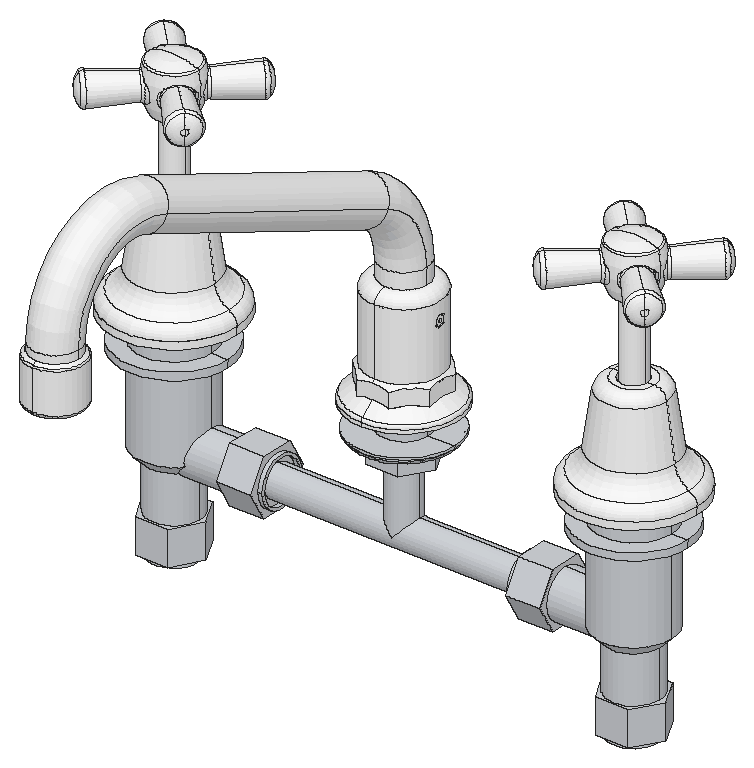
Revit family "Reece_Tap_Base_Sink Set_Adjustable and Anti-Vandal", category Plumbing Fixtures, host Face, Revit 2018
Family settings
  Host = Face
  Round Connector Dimension = Use Diameter
  Part Type = Normal
  Cut with Voids When Loaded = No
  Shared = Yes
  Room Calculation Point = Yes
Parameters (values of type "160 mm_Chrome")
  WFU = 0  # constant formula
  URL = "https://www.reece.com.au/product/-9505433"
  Type Comments = "Tap"
  Reece_Tap_Reach = 180 mm  # constant formula
  Reece_Tap_Inlet = 12 mm  # constant formula
  Reece_Tap_Handle_Spacing [instance] = 95 mm
  Reece_Tap_Clearance = 78.5 mm  # constant formula
  Reece_Tap_Axis Distance [instance] = if(Reece_Tap_Handle_Spacing > 95 mm, 95 mm, if(Reece_Tap_Handle_Spacing < 60 mm, 60 mm, Reece_Tap_Handle_Spacing))  # 95 mm
  Reece_Product_Web Page = "https://www.reece.com.au/product/-9505433"
  Reece_Product_Type = "Tap"  # constant formula
  Reece_Product_Sub Brand = "Base"  # constant formula
  Reece_Product_Number = "9505433"
  Reece_Product_Mount = "Hob Mounted"
  Reece_Product_Description = "Base Adjustable Hob Sink Set Anti-Vandal 180mm Chrome Plated (4 Star)"
  Reece_Product_Brand = "Base"  # constant formula
  Reece_Overall_Height = 143.5 mm  # constant formula
  Reece_Mixer_Height = 95 mm  # constant formula
  Reece_Material_Main = Reece_Brass_Chrome
  Reece_Detail_Shape = "Sink Set"  # constant formula
  Reece_Detail_Disclaimer = "THIS FILE IS THE PROPERTY OF THE REECE GROUP. IT MAY NOT BE REPRODUCED, REVERSE-ENGINEERED OR MODIFIED. ANY REPUBLICATION, TRANSMISSION OR DISTRIBUTION FOR THE PURPOSE OF COMMERCIALLY EXPLOITING THE FILES IS PROHIBITED."  # constant formula
  Reece_Detail_Connector = ""
  Reece_Detail_Additional = "Adjustable, Anti-Vandal"  # constant formula
  Model = "Base"
  Manufacturer = "Base"
  Keynote = "Product #9505433, Reece_Tap_Base_Sink Set_Adjustable and Anti-Vandal - 160 mm_Chrome"
  HWFU = 0  # constant formula
  Disclaimer = "THIS FILE IS THE PROPERTY OF THE REECE GROUP. IT MAY NOT BE REPRODUCED, REVERSE-ENGINEERED OR MODIFIED. ANY REPUBLICATION, TRANSMISSION OR DISTRIBUTION FOR THE PURPOSE OF COMMERCIALLY EXPLOITING THE FILES IS PROHIBITED."  # constant formula
  Description = "Base Adjustable Hob Sink Set Anti-Vandal 160mm Chrome Plated (4 Star)"
  Default Elevation = 0 mm  # constant formula
  CWFU = 0  # constant formula
Reference planes
  plane 1 "Center (Front/Back)": y = 0
  plane 2 "Bottom": z = 0
  plane 3 "Center (Left/Right)": x = 0
  plane 4: x = -95
  plane 5: x = 95
  plane 6: x = -66.612
  plane 7: x = -52.612
  plane 8: x = 66.612
  plane 9: x = 52.612
  plane 10: z = 143.5
  plane 11: y = -180
  plane 12: z = 78.5
Forms (mm)
  Revolve 1, solid
    sketch origin (0, 0, -0.835) x (1, 0, 0) y (0, 0, 1)
      loop
        line (0, 5.835) -> (0, -47) -> (6.5, -47) -> (6.5, -11.7) -> (18.888, -11.7)
        arc (18.888, -11.7) -> (19.596, -11.407) -> (19.888, -10.7) r 1
        line (19.888, -10.7) -> (19.888, -9.6) -> (20.888, -9.6) -> (20.888, -8.742) -> (10, -8.742) -> (10, 5.835) -> (0, 5.835)
      axis (0, 5.835) -> (0, -47)
    angle from 0 to 360
  Revolve 2, solid
    sketch origin (0, 0, -0.835) x (1, 0, 0) y (0, 0, 1)
      loop
        line (50.612, -47) -> (50.612, -40.5) -> (-66.612, -40.5) -> (-66.612, -37.123) -> (-86.948, -37.123) -> (-86.948, -47) -> (-70.103, -47) -> (50.612, -47)
      loop
        line (66.612, -37.123) -> (66.612, -47) -> (86.948, -47) -> (86.948, -37.123) -> (66.612, -37.123)
      axis (86.948, -47) -> (-86.948, -47)
    angle from 0 to 360
  Extrusion 3, solid
    sketch origin (-121.612, -0.379, -50.716) x (0, 1, 0) y (0, 0, 1)
      loop
        line (-12.921, 2.881) -> (-6.271, -8.637) -> (7.029, -8.637) -> (13.679, 2.881) -> (7.029, 14.399) -> (-6.271, 14.399) -> (-12.921, 2.881)
    from 55 to 69
  Extrusion 4, solid
    sketch origin (-52.612, -0.379, -50.716) x (0, 1, 0) y (0, 0, 1)
      loop
        circle (0.379, 2.881) r 10
      loop
        circle (0.379, 2.881) r 9
    from 0 to 2
  Revolve 5, solid
    sketch origin (0, 0, -0.835) x (1, 0, 0) y (0, 0, 1)
      loop
        line (-110.559, -12.6) -> (-110.559, -48.588) -> (-105.61, -53.538) -> (-105.61, -72.919) -> (-104.007, -74.52) -> (-95, -74.52) -> (-95, 22.835) -> (-105, 22.835) -> (-105, 0.835) -> (-110.559, -2.375) -> (-110.559, -9.6) -> (-117.347, -9.6) -> (-117.347, -12.6) -> (-110.559, -12.6)
      axis (-95, 22.835) -> (-95, -74.52)
    angle from 0 to 360
  Extrusion 6, solid
    sketch origin (-100, 0, -73.754) x (0, 1, 0) y (1, 0, 0)
      loop
        line (0.001, 18.3) -> (-11.518, 11.65) -> (-11.518, -1.65) -> (0.001, -8.3) -> (11.519, -1.65) -> (11.519, 11.65) -> (0.001, 18.3)
    from 0 to 14
  Extrusion 7, solid
    sketch origin (-100, 0, -87.754) x (-1, 0, 0) y (0, 1, 0)
      loop
        circle (-5, 0.001) r 10
      loop
        circle (-5, 0.001) r 9
    from 0 to 2
  Extrusion 8, solid
    sketch origin (100, 0, -73.754) x (0, 1, 0) y (1, 0, 0)
      loop
        line (0.001, 8.3) -> (-11.518, 1.65) -> (-11.518, -11.65) -> (0.001, -18.3) -> (11.519, -11.65) -> (11.519, 1.65) -> (0.001, 8.3)
    from 0 to 14
  Extrusion 9, solid
    sketch origin (100, 0, -87.754) x (-1, 0, 0) y (0, 1, 0)
      loop
        circle (5, 0.001) r 10
      loop
        circle (5, 0.001) r 9
    from 0 to 2
  Extrusion 10, solid
    sketch origin (57.612, -0.379, -50.716) x (0, 1, 0) y (0, 0, 1)
      loop
        line (-12.921, 2.881) -> (-6.271, -8.637) -> (7.029, -8.637) -> (13.679, 2.881) -> (7.029, 14.399) -> (-6.271, 14.399) -> (-12.921, 2.881)
    from -5 to 9
  Extrusion 11, solid
    sketch origin (52.612, -0.379, -50.716) x (0, -1, 0) y (0, 0, 1)
      loop
        circle (-0.379, 2.881) r 10
      loop
        circle (-0.379, 2.881) r 9
    from 0 to 2
  Extrusion 12, void
    sketch origin (150, 0, 0) x (-1, 0, 0) y (0, -1, 0)
      loop
        circle (55, 0) r 18
    from 0 to -50
  Extrusion 13, void
    sketch origin (-150, 0, 0) x (1, 0, 0) y (0, 1, 0)
      loop
        circle (55, 0) r 18
    from 0 to -50
  Revolve 14, solid
    sketch origin (0, 0, -0.835) x (-1, 0, 0) y (0, 0, -1)
      loop
        line (-110.559, 12.6) -> (-117.347, 12.6) -> (-117.347, 9.6) -> (-110.559, 9.6) -> (-110.559, 2.375) -> (-105, -0.835) -> (-105, -22.835) -> (-95, -22.835) -> (-95, 74.52) -> (-104.007, 74.52) -> (-105.61, 72.919) -> (-105.61, 53.538) -> (-110.559, 48.588) -> (-110.559, 12.6)
      axis (-95, -22.835) -> (-95, 74.52)
    angle from 0 to 360
  Extrusion 15, solid
    sketch origin (0, 0, -12.535) x (0, 1, 0) y (1, 0, 0)
      loop
        line (0.001, 13.3) -> (-11.518, 6.65) -> (-11.518, -6.65) -> (0.001, -13.3) -> (11.519, -6.65) -> (11.519, 6.65) -> (0.001, 13.3)
    from 0 to 8.3
  Sweep 16, solid, material "Reece_Brass_Chrome" <- "Reece_Material_Main"
    path origin (0, 0, 0) x (0, 1, 0) y (0, 0, 1)
      loop
        line (-180, 83.078) -> (-180, 101)
        arc (-180, 101) -> (-165.214, 128.518) -> (-134.106, 131.377) r 33
        line (-134.106, 131.377) -> (-20.106, 82.987)
        arc (-20.106, 82.987) -> (-5.482, 70.824) -> (0, 52.61) r 33
        line (0, 52.61) -> (0, 12)
    profile origin (0, 0, 32.305) x (1, 0, 0) y (0, 1, 0)
      loop
        circle (0, 0) r 9.5
      loop
        circle (0, 0) r 7.5
  Revolve 17, solid, material "Reece_Brass_Chrome" <- "Reece_Material_Main"
    sketch origin (0, 0, 0) x (0, 1, 0) y (0, 0, 1)
      loop
        line (15, 14.436) -> (15, 42)
        arc (15, 42) -> (13.218, 45.292) -> (9.628, 46.354) r 4.88
        line (9.628, 46.354) -> (9.628, 4.436) -> (18.281, 4.436) -> (18.281, 11.155) -> (15, 14.436)
      axis (0, 46.354) -> (0, 4.436)
    angle from 0 to 360
  Revolve 18, solid, material "Reece_Brass_Chrome" <- "Reece_Material_Main"
    sketch origin (0, 0, 0) x (0, 1, 0) y (0, 0, 1)
      loop
        line (-172.5, 78.5) -> (-169.555, 78.5)
        arc (-169.555, 78.5) -> (-168.848, 78.793) -> (-168.555, 79.5) r 1
        line (-168.555, 79.5) -> (-168.555, 96.036)
        arc (-168.555, 96.036) -> (-168.632, 96.418) -> (-168.848, 96.743) r 1
        line (-168.848, 96.743) -> (-170.055, 97.95) -> (-170.055, 81.5) -> (-180, 81.5) -> (-180, 79.574) -> (-172.5, 79.574) -> (-172.5, 78.5)
      axis (-180, 78.5) -> (-180, 97.95)
    angle from 0 to 360
  Extrusion 19, void
    sketch origin (0, 0, 0) x (1, 0, 0) y (0, 1, 0)
      loop
        line (15.896, 6.585) -> (6.585, 15.896) -> (-6.585, 15.896) -> (-15.896, 6.585) -> (-15.896, -6.585) -> (-6.585, -15.896) -> (6.585, -15.896) -> (15.896, -6.585) -> (15.896, 6.585)
      loop
        circle (0, 0) r 19.327
    from 14.436 to 4.436
  Revolve 20, solid, material "Reece_Brass_Chrome" <- "Reece_Material_Main"
    sketch origin (0, 0, 0) x (0, 1, 0) y (0, 0, 1)
      loop
        arc (22, 1.367) -> (21.805, 2.228) -> (21.259, 2.921) r 2
        line (21.259, 2.921) -> (14.975, 8.01) -> (0, 8.01) -> (0, 0) -> (22, 0) -> (22, 1.367)
      axis (0, 0) -> (0, 8.01)
    angle from 0 to 360
  Revolve 21, void
    sketch origin (0, 0, 0) x (1, 0, 0) y (0, 0, 1)
      loop
        line (14.633, 36.976) -> (14.41, 36.145) -> (15.211, 36.804) -> (15.434, 37.635) -> (14.633, 36.976)
      loop
        line (15.654, 35.903) -> (14.695, 35.903) -> (14.695, 34.878) -> (15.654, 34.878) -> (15.654, 35.903)
      axis (14.41, 34.878) -> (15.654, 34.878)
    angle from 0 to 360
  Revolve 22, void
    sketch origin (0, 0, 0) x (1, 0, 0) y (0, 0, 1)
      loop
        line (0, -30) -> (0, 0) -> (-20, 0) -> (-20, -30) -> (0, -30)
      axis (0, 0) -> (0, -30)
    angle from 0 to 360
Cuts and joins
  joined: Revolve 1, Revolve 2, Extrusion 3, Extrusion 4, Revolve 5, Extrusion 6, Extrusion 7, Extrusion 8, Extrusion 9, Extrusion 10, Extrusion 11, Revolve 14, Extrusion 15
  Extrusion 19, Revolve 21 cuts Revolve 17
  joined: Revolve 17, Revolve 20
Text (mm)
  text "Reece Copyright © 2018, Reece Ltd." at (-904.949, -507.713, 0), in view "Ref. Level"
  text "Reece ©" at (30.224, 170.229, 117.784), in view "Reece Preview"
Dimensions and locks
  "Reece_Tap_Axis Distance": plane 4 to plane 3 "Center (Left/Right)"
  locked: plane 6 to plane 4 at 28.388
  locked: plane 7 to plane 6 at 14
  locked: plane 9 to plane 8 at 14
  locked: plane 8 to plane 5 at 28.388
  "Reece_Tap_Axis Distance": plane 3 "Center (Left/Right)" to plane 5
  "Reece_Overall_Height": plane 10 to level
  "Reece_Tap_Reach": plane 1 "Center (Front/Back)" to plane 11
  "Reece_Tap_Clearance": plane 12 to host face
  aligned and locked: plane 2 "Bottom" to host face
  aligned and locked: level to host face
  aligned and locked: plane 7 to Extrusion 3
  aligned and locked: Extrusion 3 to plane 6
  aligned and locked: cut or joined group 1 (Revolve 1, Revolve 2, Extrusion 3, Extrusion 4, Revolve 5, Extrusion 6, Extrusion 7, Extrusion 8, Extrusion 9, Extrusion 10, Extrusion 11, Revolve 14, Extrusion 15) to plane 8
  aligned and locked: plane 9 to cut or joined group 1
  aligned and locked: Revolve 17 sketch curve to plane 1 "Center (Front/Back)"
  aligned and locked: plane 4 to nested 1
  aligned and locked: nested 2 to plane 5
  aligned and locked: Revolve 22 sketch curve to plane 3 "Center (Left/Right)"  (x2)
Automatic sketch dimensions
  host sketch curve to host sketch curve = 380.785 mm
  host sketch curve to host sketch curve = 317.421 mm
  plane 4 to Revolve 2 sketch curve = 8.052 mm
  Revolve 2 sketch curve to Revolve 2 sketch curve = 16.844 mm
  plane 5 to Revolve 2 sketch curve = 44.388 mm
  Revolve 2 sketch curve to Revolve 2 sketch curve = 16 mm
  plane 5 to Revolve 2 sketch curve = 8.052 mm
  Revolve 2 sketch curve to level = 47.835 mm
  Revolve 2 sketch curve to Revolve 2 sketch curve = 0 mm  (x2)
  Revolve 2 sketch curve to Revolve 2 sketch curve = 9.877 mm  (x2)
  Revolve 2 sketch curve to plane 4 = 35 mm
  Revolve 2 sketch curve to plane 5 = 30 mm
  plane 1 "Center (Front/Back)" to Extrusion 3 sketch curve = 13.3 mm
  plane 1 "Center (Front/Back)" to Extrusion 3 sketch curve = 6.65 mm  (x2)
  Extrusion 3 sketch curve to plane 1 "Center (Front/Back)" = 6.65 mm  (x2)
  Extrusion 3 sketch curve to plane 1 "Center (Front/Back)" = 13.3 mm
  Extrusion 3 sketch curve to level = 59.353 mm
  Extrusion 3 sketch curve to Extrusion 3 sketch curve = 11.518 mm  (x3)
  Revolve 5 sketch curve to level = 0 mm
  Revolve 5 sketch curve to plane 4 = 22.347 mm
  Revolve 5 sketch curve to Revolve 5 sketch curve = 6.788 mm  (x2)
  Revolve 5 sketch curve to level = 3.21 mm
  Revolve 5 sketch curve to Revolve 5 sketch curve = 4.95 mm  (x2)
  Revolve 5 sketch curve to Revolve 5 sketch curve = 5.559 mm
  Revolve 5 sketch curve to Revolve 5 sketch curve = 1.602 mm
  plane 4 to Revolve 5 sketch curve = 0 mm  (x2)
  Revolve 5 sketch curve to Revolve 5 sketch curve = 7.226 mm
  Revolve 5 sketch curve to Revolve 5 sketch curve = 3 mm
  Revolve 5 sketch curve to Revolve 5 sketch curve = 35.988 mm
  Revolve 5 sketch curve to Revolve 5 sketch curve = 19.382 mm
  Revolve 5 sketch curve to Revolve 5 sketch curve = 1.601 mm
  Revolve 5 sketch curve to Revolve 5 sketch curve = 0 mm
  Revolve 5 sketch curve to Revolve 5 sketch curve = 22 mm
  Revolve 5 sketch curve to Revolve 5 sketch curve = 38.18 mm
  plane 1 "Center (Front/Back)" to Extrusion 6 sketch curve = 11.518 mm
  Extrusion 6 sketch curve to plane 1 "Center (Front/Back)" = 0.001 mm  (x2)
  Extrusion 6 sketch curve to plane 1 "Center (Front/Back)" = 11.519 mm
  plane 4 to Extrusion 6 sketch curve = 13.3 mm
  plane 4 to Extrusion 6 sketch curve = 6.65 mm  (x2)
  Extrusion 6 sketch curve to plane 4 = 6.65 mm  (x2)
  Extrusion 6 sketch curve to Extrusion 6 sketch curve = 6.65 mm
  Extrusion 7 sketch curve to Extrusion 7 sketch curve = 0 mm  (x2)
  Extrusion 6 to Extrusion 7 sketch curve = 11.518 mm  (x2)
  plane 1 "Center (Front/Back)" to Extrusion 8 sketch curve = 11.518 mm
  Extrusion 8 sketch curve to plane 1 "Center (Front/Back)" = 0.001 mm  (x2)
  Extrusion 8 sketch curve to plane 1 "Center (Front/Back)" = 11.519 mm
  Extrusion 8 sketch curve to plane 5 = 13.3 mm
  Extrusion 8 sketch curve to plane 5 = 6.65 mm  (x2)
  plane 5 to Extrusion 8 sketch curve = 6.65 mm  (x2)
  plane 5 to Extrusion 8 sketch curve = 13.3 mm
  Extrusion 9 sketch curve to Extrusion 9 sketch curve = 0 mm  (x2)
  Extrusion 9 sketch curve to plane 5 = 0 mm
  Extrusion 9 sketch curve to plane 1 "Center (Front/Back)" = 0.001 mm
  plane 1 "Center (Front/Back)" to Extrusion 10 sketch curve = 13.3 mm
  plane 1 "Center (Front/Back)" to Extrusion 10 sketch curve = 6.65 mm  (x2)
  Extrusion 10 sketch curve to plane 1 "Center (Front/Back)" = 6.65 mm  (x2)
  Extrusion 10 sketch curve to plane 1 "Center (Front/Back)" = 13.3 mm
  Extrusion 10 sketch curve to level = 59.353 mm
  Extrusion 10 sketch curve to Extrusion 10 sketch curve = 11.518 mm  (x3)
  Extrusion 11 sketch curve to Extrusion 11 sketch curve = 0 mm  (x2)
  Extrusion 11 sketch curve to Extrusion 10 = 11.518 mm  (x2)
  Extrusion 12 sketch curve to Extrusion 12 sketch curve = 0 mm  (x2)
  plane 1 "Center (Front/Back)" to Extrusion 12 sketch curve = 0 mm
  Extrusion 12 sketch curve to plane 5 = 0 mm
  plane 5 to Extrusion 12 sketch curve = 18 mm
  Extrusion 13 sketch curve to Extrusion 13 sketch curve = 0 mm  (x2)
  Extrusion 13 sketch curve to plane 1 "Center (Front/Back)" = 0 mm
  Extrusion 13 sketch curve to plane 4 = 0 mm
  Extrusion 13 sketch curve to plane 4 = 18 mm
  Revolve 14 sketch curve to level = 0 mm
  Revolve 14 sketch curve to plane 5 = 22.347 mm
  Revolve 14 sketch curve to Revolve 14 sketch curve = 6.788 mm  (x2)
  Revolve 14 sketch curve to level = 3.21 mm
  Revolve 14 sketch curve to Revolve 14 sketch curve = 4.95 mm  (x2)
  Revolve 14 sketch curve to Revolve 14 sketch curve = 5.559 mm
  Revolve 14 sketch curve to Revolve 14 sketch curve = 1.602 mm
  plane 5 to Revolve 14 sketch curve = 0 mm  (x2)
  level to Revolve 14 sketch curve = 22 mm
  Revolve 14 sketch curve to Revolve 14 sketch curve = 7.226 mm
  Revolve 14 sketch curve to Revolve 14 sketch curve = 3 mm
  Revolve 14 sketch curve to Revolve 14 sketch curve = 35.988 mm
  Revolve 14 sketch curve to Revolve 14 sketch curve = 19.382 mm
  Revolve 14 sketch curve to Revolve 14 sketch curve = 1.601 mm
  Revolve 14 sketch curve to Revolve 14 sketch curve = 0 mm
  Revolve 14 sketch curve to Revolve 14 sketch curve = 38.18 mm
  plane 1 "Center (Front/Back)" to Extrusion 15 sketch curve = 11.518 mm
  Extrusion 15 sketch curve to plane 1 "Center (Front/Back)" = 0.001 mm  (x2)
  Extrusion 15 sketch curve to plane 1 "Center (Front/Back)" = 11.519 mm
  plane 3 "Center (Left/Right)" to Extrusion 15 sketch curve = 13.3 mm
  plane 3 "Center (Left/Right)" to Extrusion 15 sketch curve = 6.65 mm  (x2)
  Extrusion 15 sketch curve to plane 3 "Center (Left/Right)" = 6.65 mm  (x2)
  Extrusion 15 sketch curve to Extrusion 15 sketch curve = 6.65 mm
  Revolve 1 sketch curve to plane 3 "Center (Left/Right)" = 0 mm  (x2)
  Revolve 1 sketch curve to Revolve 1 sketch curve = 12.388 mm
  Revolve 1 sketch curve to Revolve 1 sketch curve = 1 mm  (x2)
  Revolve 1 sketch curve to level = 12.535 mm
  Revolve 1 sketch curve to Revolve 1 sketch curve = 1.1 mm
  Revolve 1 sketch curve to Revolve 1 sketch curve = 0.858 mm
  level to Revolve 1 sketch curve = 5 mm
  plane 3 "Center (Left/Right)" to Revolve 1 sketch curve = 10 mm
  Revolve 1 sketch curve to Revolve 1 sketch curve = 3.5 mm
  Revolve 1 sketch curve to Revolve 1 sketch curve = 9.761 mm
  Revolve 2 sketch curve to Revolve 2 sketch curve = 3.492 mm
  Revolve 2 sketch curve to Revolve 2 sketch curve = 3.377 mm
  Extrusion 4 sketch curve to Extrusion 4 sketch curve = 0 mm  (x2)
  Extrusion 4 sketch curve to Extrusion 3 = 11.518 mm  (x2)
  Revolve 1 sketch curve to Revolve 1 sketch curve = 35.3 mm
  Revolve 1 sketch curve to Revolve 1 sketch curve = 17.404 mm
  Revolve 5 sketch curve to Revolve 5 sketch curve = 209.465 mm
  Revolve 14 sketch curve to Revolve 14 sketch curve = 209.465 mm
  Sweep 16 sketch curve to plane 3 "Center (Left/Right)" = 0 mm
  profile plane to Sweep 16 sketch curve = 0 mm
  Sweep 16 sketch curve to Sweep 16 sketch curve = 0 mm  (x2)
  Sweep 16 sketch curve to plane 1 "Center (Front/Back)" = 0 mm
  plane 1 "Center (Front/Back)" to Sweep 16 sketch curve = 20.106 mm
  plane 1 "Center (Front/Back)" to Sweep 16 sketch curve = 33 mm
  Sweep 16 sketch curve to Sweep 16 sketch curve = 114 mm
  Sweep 16 sketch curve to Sweep 16 sketch curve = 12.894 mm
  Sweep 16 sketch curve to Sweep 16 sketch curve = 33 mm
  level to Sweep 16 sketch curve = 52.61 mm
  level to Sweep 16 sketch curve = 101 mm
  level to Sweep 16 sketch curve = 12 mm
  Sweep 16 sketch curve to Sweep 16 sketch curve = 17.922 mm
  plane 1 "Center (Front/Back)" to Extrusion 19 sketch curve = 0 mm
  Extrusion 19 sketch curve to plane 3 "Center (Left/Right)" = 0 mm
  Extrusion 19 sketch curve to plane 3 "Center (Left/Right)" = 6.585 mm  (x2)
  plane 1 "Center (Front/Back)" to Extrusion 19 sketch curve = 6.585 mm  (x2)
  Extrusion 19 sketch curve to Extrusion 19 sketch curve = 9.312 mm  (x4)
  plane 3 "Center (Left/Right)" to Extrusion 19 sketch curve = 6.585 mm  (x2)
  Extrusion 19 sketch curve to plane 1 "Center (Front/Back)" = 6.585 mm  (x2)
  Revolve 17 sketch curve to plane 1 "Center (Front/Back)" = 9.628 mm
  Revolve 17 sketch curve to Revolve 17 sketch curve = 0.517 mm
  Revolve 17 sketch curve to plane 1 "Center (Front/Back)" = 15 mm
  Revolve 17 sketch curve to Revolve 17 sketch curve = 3.281 mm  (x2)
  Revolve 17 sketch curve to Revolve 17 sketch curve = 6.719 mm
  Revolve 17 sketch curve to Revolve 17 sketch curve = 27.065 mm
  Revolve 17 sketch curve to Revolve 17 sketch curve = 0.499 mm
  Revolve 17 sketch curve to level = 22.188 mm
  Revolve 17 sketch curve to Revolve 17 sketch curve = 225.953 mm
  level to Revolve 17 sketch curve = 4.436 mm
  level to Revolve 18 sketch curve = 79.574 mm
  plane 1 "Center (Front/Back)" to Revolve 18 sketch curve = 180 mm
  Revolve 18 sketch curve to Revolve 18 sketch curve = 7.5 mm
  Revolve 18 sketch curve to Revolve 18 sketch curve = 2.445 mm
  Revolve 18 sketch curve to Revolve 18 sketch curve = 0.5 mm
  Revolve 18 sketch curve to Revolve 18 sketch curve = 0.707 mm  (x2)
  Revolve 18 sketch curve to Revolve 18 sketch curve = 1 mm
  Revolve 18 sketch curve to Revolve 18 sketch curve = 0.074 mm
  Revolve 18 sketch curve to Revolve 18 sketch curve = 2 mm
  Revolve 18 sketch curve to Revolve 18 sketch curve = 14.536 mm
  Revolve 18 sketch curve to Revolve 18 sketch curve = 1.207 mm
  Revolve 18 sketch curve to Revolve 18 sketch curve = 9.945 mm
  Revolve 18 sketch curve to Revolve 18 sketch curve = 1.124 mm
  Revolve 18 sketch curve to Revolve 18 sketch curve = 13.789 mm
  Revolve 20 sketch curve to plane 1 "Center (Front/Back)" = 0 mm  (x2)
  level to Revolve 20 sketch curve = 0 mm
  Revolve 20 sketch curve to plane 1 "Center (Front/Back)" = 14.975 mm
  level to Revolve 20 sketch curve = 1.367 mm
  Revolve 20 sketch curve to Revolve 20 sketch curve = 5.025 mm
  Revolve 20 sketch curve to Revolve 20 sketch curve = 2 mm
  Revolve 20 sketch curve to Revolve 20 sketch curve = 8.01 mm
  Revolve 20 sketch curve to Revolve 20 sketch curve = 0.741 mm
  Revolve 20 sketch curve to level = 22.188 mm
  Revolve 20 sketch curve to Revolve 20 sketch curve = 24.802 mm
  plane 3 "Center (Left/Right)" to Revolve 21 sketch curve = 14.41 mm
  Revolve 21 sketch curve to Revolve 21 sketch curve = 0.223 mm  (x2)
  Revolve 21 sketch curve to Revolve 21 sketch curve = 0.285 mm
  Revolve 21 sketch curve to Revolve 21 sketch curve = 0.578 mm
  Revolve 21 sketch curve to Revolve 21 sketch curve = 0.959 mm
  level to Revolve 21 sketch curve = 34.878 mm
  Revolve 21 sketch curve to Revolve 21 sketch curve = 1.025 mm
  Revolve 21 sketch curve to Revolve 21 sketch curve = 0.242 mm
  Revolve 21 sketch curve to Revolve 21 sketch curve = 0.902 mm
  Revolve 21 sketch curve to Revolve 21 sketch curve = 0.172 mm
  Revolve 21 sketch curve to Revolve 21 sketch curve = 0.831 mm
  Revolve 21 sketch curve to Revolve 21 sketch curve = 7.538 mm
  Revolve 21 sketch curve to Revolve 21 sketch curve = 0 mm
  Revolve 22 sketch curve to level = 0 mm
  Revolve 22 sketch curve to Revolve 22 sketch curve = 20 mm
  Revolve 22 sketch curve to level = 30 mm
  Revolve 22 sketch curve to Revolve 22 sketch curve = 38.754 mm
  Revolve 22 sketch curve to Revolve 22 sketch curve = 21.454 mm
  Revolve 21 sketch curve to plane 3 "Center (Left/Right)" = 19.026 mm
  radius of Extrusion 7 sketch curve = 10 mm
  radius of Extrusion 7 sketch curve = 9 mm
  radius of Extrusion 9 sketch curve = 10 mm
  radius of Extrusion 9 sketch curve = 9 mm
  radius of Extrusion 11 sketch curve = 10 mm
  radius of Extrusion 11 sketch curve = 9 mm
  radius of Extrusion 4 sketch curve = 10 mm
  radius of Extrusion 4 sketch curve = 9 mm
  radius of Sweep 16 sketch curve = 9.5 mm
  radius of Sweep 16 sketch curve = 7.5 mm
  radius of Extrusion 19 sketch curve = 19.327 mm
Nested families
  nested 1: "Reece_Tap_Base_Cross Handle_Nested" at (-95, 0, 0), Reece_Material_Main <- "Reece_Material_Main", Reece_Mixer_Height <- "Reece_Mixer_Height", type "Reece_Tap_Base_Cross Handle_Nested"
    with Reece_Overall_Height 95 mm, Reece_Mixer_Height 95 mm, Reece_Material_Main Reece_Brass_Chrome, Reece_Base Plate_Type 2 no, Reece_Base Plate_Type 1 yes
  nested 2: "Reece_Tap_Base_Cross Handle_Nested" at (95, 0, 0) x (-1, 0, 0) z (0, 0, 1), Reece_Material_Main <- "Reece_Material_Main", Reece_Mixer_Height <- "Reece_Mixer_Height", type "Reece_Tap_Base_Cross Handle_Nested"
    with Reece_Overall_Height 95 mm, Reece_Mixer_Height 95 mm, Reece_Material_Main Reece_Brass_Chrome, Reece_Base Plate_Type 2 no, Reece_Base Plate_Type 1 yes
Connectors
  piping at (-95, 0.001, -89.754), diameter 12, driven by "Reece_Tap_Inlet"
    settings: on cut or joined group 1, index 1, connector inside diameter 609.6 mm, connector length 0 mm, flow factor 0, pipe flow 0.0 L/s, pressure drop 0.0 Pa, fitting loss kfactor 0, connector angle 0.00°, fixture units 0, engagement length 0 mm, angle of deflection 0.00°, flow configuration 0, flow direction 1, fitting loss method 0, system type 29, joint type 0, gender type 0, connector reference index -1, connector utility 0, adjustable connector no, is connector primary yes, connector description ""
  piping at (95, 0.001, -89.754), diameter 12, driven by "Reece_Tap_Inlet"
    settings: on cut or joined group 1, index 2, connector inside diameter 609.6 mm, connector length 0 mm, flow factor 0, pipe flow 0.0 L/s, pressure drop 0.0 Pa, fitting loss kfactor 0, connector angle 0.00°, fixture units 0, engagement length 0 mm, angle of deflection 0.00°, flow configuration 0, flow direction 1, fitting loss method 0, system type 29, joint type 0, gender type 0, connector reference index -1, connector utility 0, adjustable connector no, is connector primary no, connector description ""
Definition of nested family "Reece_Tap_Base_Cross Handle_Nested"
  Parameters (values of type "Reece_Tap_Base_Cross Handle_Nested")
    WFU = 0  # constant formula
    Reece_Overall_Height [instance] = if(Reece_Mixer_Height > 95 mm, 102.5 mm, if(Reece_Mixer_Height < 95 mm, 95 mm, Reece_Mixer_Height))  # 95 mm
    Reece_Mixer_Height [instance] = 95 mm
    Reece_Material_Main [instance] = none
    Reece_Base Plate_Type 2 [instance] = Reece_Overall_Height = 102.5 mm  # no
    Reece_Base Plate_Type 1 [instance] = Reece_Overall_Height = 95 mm  # yes
    HWFU = 0  # constant formula
    Default Elevation = 1000 mm
    CWFU = 0  # constant formula
  Reference planes
    plane 1 "Center (Front/Back)": y = 0
    plane 2 "Bottom": z = 0
    plane 3 "Center (Left/Right)": x = 0
    plane 4: z = 42
    plane 5: x = -26
    plane 6: x = 26
    plane 7: z = 95
    plane 8 "Handle": z = 84
    plane 9: x = 32.5
    plane 10: x = -32.5
  Forms (mm)
    Extrusion 1, solid
      sketch origin (619.2, -619.2, 0) x (1, 0, 0) y (0, 1, 0)
        loop
          line (-809.2, 779.2) -> (-809.2, 461.779) -> (-428.415, 461.779) -> (-428.415, 779.2) -> (-809.2, 779.2)
      from 0 to -9.564
    Revolve 2, solid, material <- "Reece_Material_Main"
      sketch origin (0, 0, 0) x (1, 0, 0) y (0, 0, 1)
        loop
          arc (0, 95) -> (-4.961, 94.48) -> (-9.706, 92.943) r 23.929
          arc (-9.706, 92.943) -> (-10.054, 92.687) -> (-10.261, 92.308) r 1
          arc (-10.261, 92.308) -> (-11.063, 82.792) -> (-8.126, 73.706) r 24.228
          line (-8.126, 73.706) -> (-5, 73.706) -> (-5, 7.182) -> (0, 7.182) -> (0, 95)
        axis (0, 7.182) -> (0, 95)
      angle from 0 to 360
    Revolve 3, solid, material <- "Reece_Material_Main", visible <- "Reece_Base Plate_Type 1"
      sketch origin (0, 0, 0) x (1, 0, 0) y (0, 0, 1)
        loop
          line (-12, 0) -> (-12, 7.182) -> (-5, 7.182) -> (-5, 40.001) -> (-5.8, 40.001) -> (-5.8, 42) -> (-8.503, 42)
          arc (-8.503, 42) -> (-11.77, 40.785) -> (-13.45, 37.732) r 5
          line (-13.45, 37.732) -> (-16.702, 15.752)
          arc (-16.702, 15.752) -> (-18.682, 11.101) -> (-22.684, 8.013) r 10
          arc (-22.684, 8.013) -> (-25.096, 6.005) -> (-26, 3) r 5.447
          line (-26, 3) -> (-26, 0) -> (-12, 0)
        axis (0, 0) -> (0, 42)
      angle from 0 to 360
    Revolve 4, solid, material <- "Reece_Material_Main", visible <- "Reece_Base Plate_Type 2"
      sketch origin (0, 0, 0) x (1, 0, 0) y (0, 0, 1)
        loop
          line (-12, 0) -> (-12, 7.182) -> (-5, 7.182) -> (-5, 36.876) -> (-5.8, 36.876) -> (-5.8, 38.875) -> (-9.219, 38.875)
          arc (-9.219, 38.875) -> (-11.168, 38.156) -> (-12.182, 36.344) r 3
          line (-12.182, 36.344) -> (-14.82, 19.693)
          arc (-14.82, 19.693) -> (-16.362, 15.731) -> (-19.411, 12.768) r 10
          line (-19.411, 12.768) -> (-30.143, 6.087)
          arc (-30.143, 6.087) -> (-31.871, 4.27) -> (-32.5, 1.842) r 5
          line (-32.5, 1.842) -> (-32.5, 0) -> (-12, 0)
        axis (0, 0) -> (0, 38.875)
      angle from 0 to 360
  Text (mm)
    text "Reece Copyright © 2018, Reece Ltd." at (-315.757, -186.838, 0), in view "Ref. Level"
    text "Reece ©" at (110.347, 192.987, 60.419), in view "Reece Preview"
  Dimensions and locks
    locked: plane 8 "Handle" to plane 7 at 11
    locked: plane 2 "Bottom" to Revolve 2 sketch curve at 7.182
    "Reece_Overall_Height": plane 2 "Bottom" to plane 7
    aligned and locked: plane 2 "Bottom" to Extrusion 1
    aligned and locked: level to Extrusion 1
  Automatic sketch dimensions
    Extrusion 1 sketch curve to Extrusion 1 sketch curve = 380.785 mm
    Extrusion 1 sketch curve to Extrusion 1 sketch curve = 317.421 mm
    Revolve 2 sketch curve to plane 3 "Center (Left/Right)" = 0 mm  (x2)
    Revolve 2 sketch curve to plane 7 = 0 mm
    Revolve 2 sketch curve to plane 3 "Center (Left/Right)" = 5 mm
    Revolve 2 sketch curve to Revolve 2 sketch curve = 3.126 mm
    Revolve 2 sketch curve to plane 7 = 2.971 mm
    Revolve 2 sketch curve to plane 3 "Center (Left/Right)" = 9.3 mm
    plane 8 "Handle" to Revolve 2 sketch curve = 1.555 mm
    Revolve 2 sketch curve to plane 6 = 12.993 mm
    Revolve 2 sketch curve to plane 8 "Handle" = 12.929 mm
    Revolve 2 sketch curve to Revolve 2 sketch curve = 2.635 mm
    Revolve 2 sketch curve to Revolve 2 sketch curve = 0 mm
    Revolve 2 sketch curve to level = 35 mm
    Revolve 2 sketch curve to Revolve 2 sketch curve = 20 mm
    Revolve 3 sketch curve to level = 0 mm
    Revolve 3 sketch curve to plane 5 = 0 mm
    Revolve 3 sketch curve to plane 4 = 0 mm
    Revolve 3 sketch curve to plane 3 "Center (Left/Right)" = 0 mm
    Revolve 3 sketch curve to plane 5 = 0.595 mm
    plane 5 to Revolve 3 sketch curve = 5.447 mm
    plane 5 to Revolve 3 sketch curve = 9.298 mm
    plane 4 to Revolve 3 sketch curve = 4.268 mm
    plane 5 to Revolve 3 sketch curve = 12.55 mm
    Revolve 3 sketch curve to Revolve 3 sketch curve = 8.553 mm
    Revolve 3 sketch curve to Revolve 3 sketch curve = 4.946 mm
    Revolve 3 sketch curve to Revolve 3 sketch curve = 2.703 mm
    Revolve 3 sketch curve to plane 3 "Center (Left/Right)" = 5 mm
    level to Revolve 3 sketch curve = 3 mm
    level to Revolve 3 sketch curve = 7.182 mm
    Revolve 3 sketch curve to Revolve 3 sketch curve = 8.57 mm
    Revolve 3 sketch curve to Revolve 3 sketch curve = 1.464 mm
    plane 4 to Revolve 3 sketch curve = 1.999 mm
    Revolve 3 sketch curve to level = 35 mm
    Revolve 3 sketch curve to Revolve 3 sketch curve = 20 mm
    Revolve 4 sketch curve to level = 0 mm
    plane 10 to Revolve 4 sketch curve = 0 mm
    Revolve 4 sketch curve to plane 3 "Center (Left/Right)" = 0 mm
    Revolve 4 sketch curve to plane 10 = 2.357 mm
    Revolve 4 sketch curve to plane 5 = 1.5 mm
    plane 5 to Revolve 4 sketch curve = 1.304 mm
    plane 5 to Revolve 4 sketch curve = 6.589 mm
    Revolve 4 sketch curve to Revolve 4 sketch curve = 4.592 mm
    plane 4 to Revolve 4 sketch curve = 5.656 mm
    Revolve 4 sketch curve to plane 3 "Center (Left/Right)" = 12.182 mm
    Revolve 4 sketch curve to plane 3 "Center (Left/Right)" = 12 mm
    plane 4 to Revolve 4 sketch curve = 3.125 mm
    Revolve 4 sketch curve to Revolve 4 sketch curve = 2.963 mm
    Revolve 4 sketch curve to Revolve 4 sketch curve = 3.419 mm
    Revolve 4 sketch curve to Revolve 4 sketch curve = 0.8 mm
    level to Revolve 4 sketch curve = 1.842 mm
    level to Revolve 4 sketch curve = 7.182 mm
    Revolve 4 sketch curve to Revolve 4 sketch curve = 5.586 mm
    Revolve 4 sketch curve to Revolve 4 sketch curve = 6.925 mm
    Revolve 4 sketch curve to Revolve 4 sketch curve = 1.999 mm
    Revolve 4 sketch curve to level = 35 mm
    Revolve 4 sketch curve to Revolve 4 sketch curve = 20 mm
  Nested families
    nested 1: "Cross Handle_Nested" at (0, 0, 84) x (-0.7071, -0.7071, 0) z (0, 0, 1), Reece_Material_Main <- "Reece_Material_Main", type "Cross Handle_Nested"
      with Reece_Material_Main none
  Definition of nested family "Cross Handle_Nested"
    Parameters (values of type "Cross Handle_Nested")
      Reece_Material_Main [instance] = none
      Default Elevation = 1219.2 mm
    Reference planes
      plane 1 "Center (Front/Back)": y = 0
      plane 2: z = 0
      plane 3 "Center (Left/Right)": x = 0
      plane 4: y = 32.5
      plane 5: y = -32.5
      plane 6: x = -32.5
      plane 7: x = 32.5
    Forms (mm)
      Revolve 1, solid, material <- "Reece_Material_Main"
        sketch origin (0.012, 198.295, 95.382) x (0, 1, 0) y (0, 0, -1)
          loop
            arc (-206.685, 88.388) -> (-198.287, 85.74) -> (-189.89, 88.388) r 14.641
            line (-189.89, 88.388) -> (-188.15, 89.606)
            arc (-188.15, 89.606) -> (-187.537, 89.895) -> (-186.863, 89.963) r 2
            line (-186.863, 89.963) -> (-169.16, 88.725)
            arc (-169.16, 88.725) -> (-168.242, 88.878) -> (-167.493, 89.429) r 2
            arc (-167.493, 89.429) -> (-166.229, 91.606) -> (-165.79, 94.084) r 7.212
            line (-165.79, 94.084) -> (-165.79, 95.382) -> (-230.795, 95.382) -> (-230.795, 94.084)
            arc (-230.795, 94.084) -> (-230.356, 91.605) -> (-229.091, 89.428) r 7.212
            arc (-229.091, 89.428) -> (-228.342, 88.877) -> (-227.424, 88.724) r 2
            line (-227.424, 88.724) -> (-209.711, 89.963)
            arc (-209.711, 89.963) -> (-209.037, 89.895) -> (-208.425, 89.606) r 2
            line (-208.425, 89.606) -> (-206.685, 88.388)
          axis (-165.79, 95.382) -> (-230.795, 95.382)
        angle from 0 to 360
      Revolve 2, solid, material <- "Reece_Material_Main"
        sketch origin (-198.28, -0.082, 95.382) x (-1, -0.00043, 0) y (0, 0, -1)
          loop
            arc (-206.685, 88.388) -> (-198.287, 85.74) -> (-189.89, 88.388) r 14.641
            line (-189.89, 88.388) -> (-188.15, 89.606)
            arc (-188.15, 89.606) -> (-187.537, 89.895) -> (-186.863, 89.963) r 2
            line (-186.863, 89.963) -> (-169.16, 88.725)
            arc (-169.16, 88.725) -> (-168.242, 88.878) -> (-167.493, 89.429) r 2
            arc (-167.493, 89.429) -> (-166.229, 91.606) -> (-165.79, 94.084) r 7.212
            line (-165.79, 94.084) -> (-165.79, 95.382) -> (-230.795, 95.382) -> (-230.795, 94.084)
            arc (-230.795, 94.084) -> (-230.356, 91.605) -> (-229.091, 89.428) r 7.212
            arc (-229.091, 89.428) -> (-228.342, 88.877) -> (-227.424, 88.724) r 2
            line (-227.424, 88.724) -> (-209.711, 89.963)
            arc (-209.711, 89.963) -> (-209.037, 89.895) -> (-208.425, 89.606) r 2
            line (-208.425, 89.606) -> (-206.685, 88.388)
          axis (-165.79, 95.382) -> (-230.795, 95.382)
        angle from 0 to 360
    Dimensions and locks
      aligned and locked: level to plane 2
